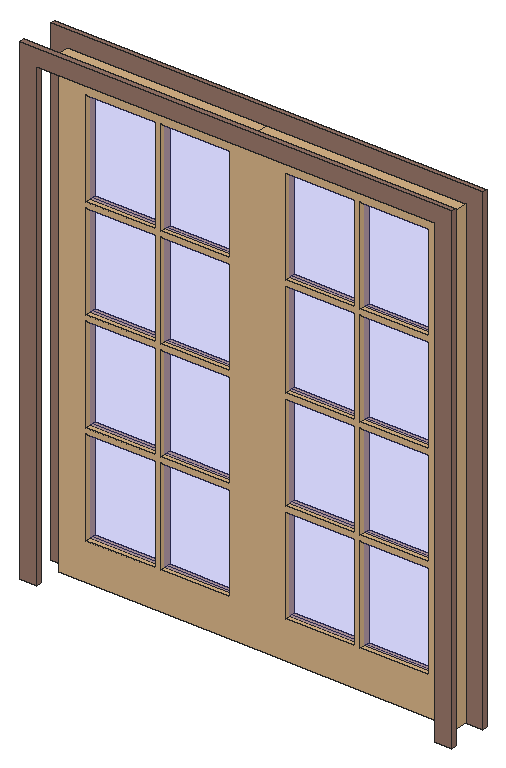
Revit family "M_Podwójne - szkło 2", category Doors, host Wall, Revit 2014
Parameters (values of type "1830 x 2134 mm")
  Visual Light Transmittance = 0
  Thickness = 51.00 mm
  Thermal Resistance (R) = 0.2701 (m²·K)/W
  Solar Heat Gain Coefficient = 0
  Construction Type Id = "MDRZWI"
  Heat Transfer Coefficient (U) = 3.7021 W/(m²·K)
  Function = Interior
  Materiał drzwi = Drzwi - panel
  Materiał ramy = Drzwi - rama
  Height = 2134.00 mm
  Szpros = 25.00 mm
  Rzut przycięcia - zewnętrzny = 25.00 mm
  Rzut przycięcia - wewnętrzny = 25.00 mm
  Szerokość przycięcia = 76.20 mm
  Wall Closure = By host
  Width = 1830.00 mm
  Analytic Construction = "Metal"
Types (5, lengths in mm): name | Visual Light Transmittance | Thermal Resistance (R) | Solar Heat Gain Coefficient | Construction Type Id | Heat Transfer Coefficient (U) | Height | Szerokość przycięcia | Width | Analytic Construction
  1830 x 1981 mm | 0.9 | 0.0000 (m²·K)/W | 0.78 | "GSP4R" | 3.6886 W/(m²·K) | 1981.00 | 76.00 | 1830.00 | "1/8 cala pojedyncze przeszklenie Pilkington"
  1830 x 2083 mm | 0.9 | 0.0000 (m²·K)/W | 0.78 | "GSP4R" | 3.6886 W/(m²·K) | 2083.00 | 76.00 | 1830.00 | "1/8 cala pojedyncze przeszklenie Pilkington"
  1730 x 2032 mm | 0.9 | 0.0000 (m²·K)/W | 0.78 | "GSP4R" | 3.6886 W/(m²·K) | 2032.00 | 76.00 | 1730.00 | "1/8 cala pojedyncze przeszklenie Pilkington"
  1730 x 2134 mm | 0.9 | 0.0000 (m²·K)/W | 0.78 | "GSP4R" | 3.6886 W/(m²·K) | 2134.00 | 76.00 | 1730.00 | "1/8 cala pojedyncze przeszklenie Pilkington"
  1830 x 2134 mm | 0 | 0.2701 (m²·K)/W | 0 | "MDRZWI" | 3.7021 W/(m²·K) | 2134.00 | 76.20 | 1830.00 | "Metal"
Reference planes
  plane 1: y = 0
  plane 2: z = 0
  plane 3 "Środek": x = 0
  plane 4 "Lewy": x = -915
  plane 5 "Prawy": x = 915
  plane 6 "Góra": z = 2134
  plane 7: z = 2034
  plane 8: z = 1569.25
  plane 9: z = 1544.25
  plane 10: z = 1104.5
  plane 11: z = 1079.5
  plane 12: z = 639.75
  plane 13: z = 2009
  plane 14: z = 614.75
  plane 15: z = 175
  plane 16: x = 788
  plane 17: x = 470
  plane 18: x = 445
  plane 19: x = 127
  plane 20: x = -127
  plane 21: x = -445
  plane 22: x = -470
  plane 23: x = -788
  plane 24: x = 457.5
  plane 25: x = -457.5
Forms (mm)
  Extrusion 1, solid, material "Drzwi - rama" <- "Materiał ramy"
    sketch origin (-2286, 76.2, 0) x (-1, 0, 0) y (0, 0, 1)
      loop
        line (-3201, 2134) -> (-1371, 2134) -> (-1371, 0) -> (-1294.8, 0) -> (-1294.8, 2210.2) -> (-3277.2, 2210.2) -> (-3277.2, 0) -> (-3201, 0) -> (-3201, 2134)
    from 0 to 25
  Extrusion 2, solid, material "Drzwi - rama" <- "Materiał ramy"
    sketch origin (-2286, -76.2, 0) x (1, 0, 0) y (0, 0, 1)
      loop
        line (1371, 0) -> (1371, 2134) -> (3201, 2134) -> (3201, 0) -> (3277.2, 0) -> (3277.2, 2210.2) -> (1294.8, 2210.2) -> (1294.8, 0) -> (1371, 0)
    from 0 to 25
  Extrusion 3, solid, material "Drzwi - panel" <- "Materiał drzwi"
    sketch origin (914.4, 76.2, 1981.2) x (0, 0, -1) y (-1, 0, 0)
      loop
        line (-152.8, -0.6) -> (1981.2, -0.6) -> (1981.2, 914.4) -> (1981.2, 1829.4) -> (-152.8, 1829.4) -> (-152.8, 914.4) -> (-152.8, -0.6)
      loop
        line (-27.8, 126.4) -> (411.95, 126.4) -> (411.95, 444.4) -> (-27.8, 444.4) -> (-27.8, 126.4)
      loop
        line (-27.8, 469.4) -> (411.95, 469.4) -> (411.95, 787.4) -> (-27.8, 787.4) -> (-27.8, 469.4)
      loop
        line (436.95, 126.4) -> (876.7, 126.4) -> (876.7, 444.4) -> (436.95, 444.4) -> (436.95, 126.4)
      loop
        line (436.95, 469.4) -> (876.7, 469.4) -> (876.7, 787.4) -> (436.95, 787.4) -> (436.95, 469.4)
      loop
        line (901.7, 126.4) -> (1341.45, 126.4) -> (1341.45, 444.4) -> (901.7, 444.4) -> (901.7, 126.4)
      loop
        line (901.7, 469.4) -> (1341.45, 469.4) -> (1341.45, 787.4) -> (901.7, 787.4) -> (901.7, 469.4)
      loop
        line (1366.45, 126.4) -> (1806.2, 126.4) -> (1806.2, 444.4) -> (1366.45, 444.4) -> (1366.45, 126.4)
      loop
        line (1366.45, 469.4) -> (1806.2, 469.4) -> (1806.2, 787.4) -> (1366.45, 787.4) -> (1366.45, 469.4)
      loop
        line (-27.8, 1041.4) -> (411.95, 1041.4) -> (411.95, 1359.4) -> (-27.8, 1359.4) -> (-27.8, 1041.4)
      loop
        line (436.95, 1041.4) -> (876.7, 1041.4) -> (876.7, 1359.4) -> (436.95, 1359.4) -> (436.95, 1041.4)
      loop
        line (436.95, 1702.4) -> (436.95, 1384.4) -> (876.7, 1384.4) -> (876.7, 1702.4) -> (436.95, 1702.4)
      loop
        line (901.7, 1041.4) -> (1341.45, 1041.4) -> (1341.45, 1359.4) -> (901.7, 1359.4) -> (901.7, 1041.4)
      loop
        line (901.7, 1702.4) -> (901.7, 1384.4) -> (1341.45, 1384.4) -> (1341.45, 1702.4) -> (901.7, 1702.4)
      loop
        line (1366.45, 1041.4) -> (1806.2, 1041.4) -> (1806.2, 1359.4) -> (1366.45, 1359.4) -> (1366.45, 1041.4)
      loop
        line (1366.45, 1384.4) -> (1806.2, 1384.4) -> (1806.2, 1702.4) -> (1366.45, 1702.4) -> (1366.45, 1384.4)
      loop
        line (411.95, 1702.4) -> (-27.8, 1702.4) -> (-27.8, 1384.4) -> (411.95, 1384.4) -> (411.95, 1702.4)
    from 0 to -51
  Extrusion 4, solid, material "Szkło"
    sketch origin (914.4, 76.2, 1981.2) x (0, 0, -1) y (-1, 0, 0)
      loop
        line (-27.8, 126.4) -> (411.95, 126.4) -> (411.95, 444.4) -> (-27.8, 444.4) -> (-27.8, 126.4)
      loop
        line (-27.8, 469.4) -> (411.95, 469.4) -> (411.95, 787.4) -> (-27.8, 787.4) -> (-27.8, 469.4)
      loop
        line (-27.8, 1041.4) -> (411.95, 1041.4) -> (411.95, 1359.4) -> (-27.8, 1359.4) -> (-27.8, 1041.4)
      loop
        line (411.95, 1702.4) -> (-27.8, 1702.4) -> (-27.8, 1384.4) -> (411.95, 1384.4) -> (411.95, 1702.4)
      loop
        line (436.95, 1702.4) -> (436.95, 1384.4) -> (876.7, 1384.4) -> (876.7, 1702.4) -> (436.95, 1702.4)
      loop
        line (436.95, 1041.4) -> (876.7, 1041.4) -> (876.7, 1359.4) -> (436.95, 1359.4) -> (436.95, 1041.4)
      loop
        line (436.95, 469.4) -> (876.7, 469.4) -> (876.7, 787.4) -> (436.95, 787.4) -> (436.95, 469.4)
      loop
        line (436.95, 126.4) -> (876.7, 126.4) -> (876.7, 444.4) -> (436.95, 444.4) -> (436.95, 126.4)
      loop
        line (901.7, 126.4) -> (1341.45, 126.4) -> (1341.45, 444.4) -> (901.7, 444.4) -> (901.7, 126.4)
      loop
        line (901.7, 787.4) -> (901.7, 469.4) -> (1341.45, 469.4) -> (1341.45, 787.4) -> (901.7, 787.4)
      loop
        line (901.7, 1041.4) -> (1341.45, 1041.4) -> (1341.45, 1359.4) -> (901.7, 1359.4) -> (901.7, 1041.4)
      loop
        line (901.7, 1702.4) -> (901.7, 1384.4) -> (1341.45, 1384.4) -> (1341.45, 1702.4) -> (901.7, 1702.4)
      loop
        line (1366.45, 126.4) -> (1806.2, 126.4) -> (1806.2, 444.4) -> (1366.45, 444.4) -> (1366.45, 126.4)
      loop
        line (1366.45, 787.4) -> (1366.45, 469.4) -> (1806.2, 469.4) -> (1806.2, 787.4) -> (1366.45, 787.4)
      loop
        line (1366.45, 1041.4) -> (1806.2, 1041.4) -> (1806.2, 1359.4) -> (1366.45, 1359.4) -> (1366.45, 1041.4)
      loop
        line (1366.45, 1702.4) -> (1366.45, 1384.4) -> (1806.2, 1384.4) -> (1806.2, 1702.4) -> (1366.45, 1702.4)
    from -19.05 to -31.75
Lines and regions (mm)
  Opening 1
    outline origin (-2286, -76.2, 0) x (1, 0, 0) y (0, 0, 1)
      loop
        line (1371, 0) -> (3201, 0) -> (3201, 2134) -> (1371, 2134) -> (1371, 0)
  symbolic lines, style "Ugięcie rzutu"
    curve 1: arc (0, 76.2, 0) -> (-267.997, 723.203, 0) -> (-915, 991.2, 0) r 915
    curve 2: arc (0, 76.2, 0) -> (250.211, 704.913, 0) -> (864, 989.778, 0) r 915
  symbolic lines, style "DoorsPanelProjection"
    curve 3: line (-915, 76.2, 0) -> (-864, 76.2, 0)
    curve 4: line (-915, 76.2, 0) -> (-915, 991.2, 0)
    curve 5: line (-864, 76.2, 0) -> (-864, 989.778, 0)
    curve 6: line (915, 76.2, 0) -> (864, 76.2, 0)
    curve 7: line (915, 76.2, 0) -> (915, 991.19, 0)
    curve 8: line (864, 76.2, 0) -> (864, 989.778, 0)
    curve 11: line (-915, 991.473, 0) -> (-864, 991.473, 0)
    curve 12: line (864, 989.778, 0) -> (915, 989.778, 0)
  model lines, style "DoorsPanelProjection"
    curve 9: line (0, 76.2, 2134) -> (0, 76.2, 0)
    curve 10: line (0, 25.2, 2134) -> (0, 25.2, 0)
  symbolic lines, style "Ugięcie elewacji"
    curve 13: line (0, 0, 2134) -> (915, 0, 1067)
    curve 14: line (0, 0, 0) -> (915, 0, 1067)
    curve 15: line (0, 0, 2134) -> (-915, 0, 1067)
    curve 16: line (-915, 0, 1067) -> (0, 0, 0)
Text (mm)
  text "Zewnętrzna" at (-1490.41, 693.701, 0), in view "Linia podłogi"
  text "Wewnętrzna" at (-1482.03, -638.649, 0), in view "Linia podłogi"
  text "Zewnętrzna" at (0, 1019.848, 3124.603), in view "Prawy"
  text "Wewnętrzna" at (0, -1635.541, 3124.603), in view "Prawy"
  text "Wewnętrzna" at (0, -787.806, 3124.376), in view "Lewy"
  text "Zewnętrzna" at (0, 1386.095, 3124.376), in view "Lewy"
Dimensions and locks
  equal spacing: plane 4 "Lewy", plane 3 "Środek", plane 5 "Prawy"
  "Height": plane 2 to plane 6 "Góra"
  "Szerokość przycięcia": Extrusion 2 sketch curve to plane 4 "Lewy"
  "Szerokość przycięcia": Extrusion 2 sketch curve to plane 5 "Prawy"
  "Szerokość przycięcia": Extrusion 2 sketch curve to plane 6 "Góra"
  "Szerokość przycięcia": Extrusion 1 sketch curve to Extrusion 1 sketch curve  (x2)
  "Szerokość przycięcia": Extrusion 1 sketch curve to plane 6 "Góra"
  "Rzut przycięcia - wewnętrzny": Extrusion 2 to host wall
  "Rzut przycięcia - zewnętrzny": Extrusion 1 to host wall
  "Szpros": plane 13 to plane 7
  "Szpros": plane 9 to plane 8
  "Szpros": plane 11 to plane 10
  "Szpros": plane 14 to plane 12
  locked: host wall to plane 15 at 175
  locked: plane 7 to plane 6 "Góra" at 100
  equal spacing: plane 15, plane 12, plane 10, plane 8, plane 7
  locked: plane 16 to plane 5 "Prawy" at 127
  locked: plane 23 to plane 4 "Lewy" at 127
  plane 19 to plane 3 "Środek" to plane 20 = 127.00 mm locked, 127.00 mm locked
  "Szpros": plane 17 to plane 18
  "Szpros": plane 21 to plane 22
  equal spacing: plane 16, plane 24, plane 19
  equal spacing: plane 20, plane 25, plane 23
  equal spacing: plane 17, plane 24, plane 18
  equal spacing: plane 21, plane 25, plane 22
  locked: host wall to Extrusion 3 at 0
  Extrusion 4 to Extrusion 4 to Extrusion 1 = 12.70 mm locked, 19.05 mm locked
  "Thickness": Extrusion 3 to Extrusion 3
  "Thickness": curve 8 to plane 5 "Prawy"
  "Thickness": plane 4 "Lewy" to curve 5
  "Width": plane 4 "Lewy" to plane 5 "Prawy"
  equal spacing: level, curve 14, plane 6 "Góra"
  equal spacing: level, curve 16, plane 6 "Góra"
  aligned and locked: plane 4 "Lewy" to Opening 1 sketch curve
  aligned and locked: plane 6 "Góra" to Opening 1 sketch curve  (x2)
  aligned and locked: Opening 1 sketch curve to plane 5 "Prawy"
  aligned and locked: Opening 1 sketch curve to level
  aligned and locked: plane 6 "Góra" to Extrusion 1 sketch curve  (x2)
  aligned and locked: plane 4 "Lewy" to Extrusion 1 sketch curve
  aligned and locked: Extrusion 1 sketch curve to plane 4 "Lewy"
  aligned and locked: plane 2 to Extrusion 1 sketch curve
  aligned and locked: Extrusion 1 sketch curve to plane 2
  aligned and locked: level to Extrusion 1 sketch curve
  aligned and locked: plane 5 "Prawy" to Extrusion 1 sketch curve
  aligned and locked: Extrusion 1 to host wall  (x3)
  aligned and locked: plane 4 "Lewy" to Extrusion 2 sketch curve
  aligned and locked: plane 6 "Góra" to Extrusion 2 sketch curve  (x2)
  aligned and locked: plane 5 "Prawy" to Extrusion 2 sketch curve  (x2)
  aligned and locked: level to Extrusion 2 sketch curve
  aligned and locked: Extrusion 2 sketch curve to level
  aligned and locked: plane 2 to Extrusion 2 sketch curve
  aligned and locked: Extrusion 2 to host wall
  aligned and locked: Extrusion 3 sketch curve to Extrusion 1  (x2)
  aligned and locked: plane 13 to Extrusion 3 sketch curve  (x4)
  aligned and locked: plane 8 to Extrusion 3 sketch curve  (x3)
  aligned and locked: plane 17 to Extrusion 3 sketch curve  (x4)
  aligned and locked: plane 19 to Extrusion 3 sketch curve  (x4)
  aligned and locked: plane 16 to Extrusion 3 sketch curve  (x3)
  aligned and locked: plane 9 to Extrusion 3 sketch curve  (x3)
  aligned and locked: plane 10 to Extrusion 3 sketch curve  (x4)
  aligned and locked: plane 18 to Extrusion 3 sketch curve  (x3)
  aligned and locked: plane 11 to Extrusion 3 sketch curve  (x3)
  aligned and locked: plane 12 to Extrusion 3 sketch curve  (x4)
  aligned and locked: plane 14 to Extrusion 3 sketch curve  (x4)
  aligned and locked: plane 15 to Extrusion 3 sketch curve  (x3)
  aligned and locked: plane 21 to Extrusion 3 sketch curve  (x4)
  aligned and locked: plane 20 to Extrusion 3 sketch curve  (x3)
  aligned and locked: plane 23 to Extrusion 3 sketch curve  (x4)
  aligned and locked: Extrusion 3 sketch curve to plane 9
  aligned and locked: plane 22 to Extrusion 3 sketch curve  (x3)
  aligned and locked: Extrusion 3 sketch curve to plane 11
  aligned and locked: Extrusion 3 sketch curve to plane 8
  aligned and locked: Extrusion 4 sketch curve to Extrusion 3  (x60)
  aligned and locked: host wall to Extrusion 3
  aligned and locked: curve 3 to Extrusion 3
  aligned and locked: curve 6 to Extrusion 3
  aligned and locked: Extrusion 1 to curve 1
  aligned and locked: Extrusion 1 to curve 2
  aligned and locked: curve 9 to curve 10
  aligned and locked: curve 9 to Extrusion 3
Automatic sketch dimensions
  Extrusion 3 sketch curve to plane 15 = 0.00 mm
  Extrusion 3 sketch curve to level = 0.00 mm
  Extrusion 3 sketch curve to plane 16 = 0.00 mm
  Extrusion 3 sketch curve to plane 18 = 0.00 mm
  Extrusion 3 sketch curve to plane 20 = 0.00 mm
  Extrusion 3 sketch curve to plane 22 = 0.00 mm
  Extrusion 3 sketch curve to plane 4 "Lewy" = 0.00 mm
  Extrusion 3 sketch curve to plane 3 "Środek" = 0.00 mm  (x2)
  Extrusion 4 sketch curve to plane 9 = 0.00 mm
  Extrusion 4 sketch curve to plane 12 = 0.00 mm  (x2)
  Extrusion 4 sketch curve to plane 22 = 0.00 mm
  curve 11 to plane 4 "Lewy" = 0.00 mm
  curve 1 to plane 4 "Lewy" = 0.00 mm
  curve 1 to plane 3 "Środek" = 0.00 mm
  curve 2 to plane 3 "Środek" = 0.00 mm
  curve 2 to plane 5 "Prawy" = 0.00 mm
  curve 6 to plane 5 "Prawy" = 0.00 mm
  curve 12 to plane 5 "Prawy" = 0.00 mm
  curve 11 to curve 5 = 0.00 mm
  curve 12 to curve 2 = 0.00 mm  (x2)
  curve 12 to curve 7 = 1.412 mm
  curve 5 to curve 11 = 1.695 mm
  curve 13 to plane 3 "Środek" = 0.00 mm
  curve 13 to plane 6 "Góra" = 0.00 mm
  curve 10 to plane 6 "Góra" = 0.00 mm
  curve 9 to plane 6 "Góra" = 0.00 mm
  curve 15 to plane 4 "Lewy" = 0.00 mm
  curve 13 to plane 5 "Prawy" = 0.00 mm
  curve 9 to level = 0.00 mm
  curve 10 to level = 0.00 mm
  curve 14 to level = 0.00 mm
  curve 14 to plane 3 "Środek" = 0.00 mm
